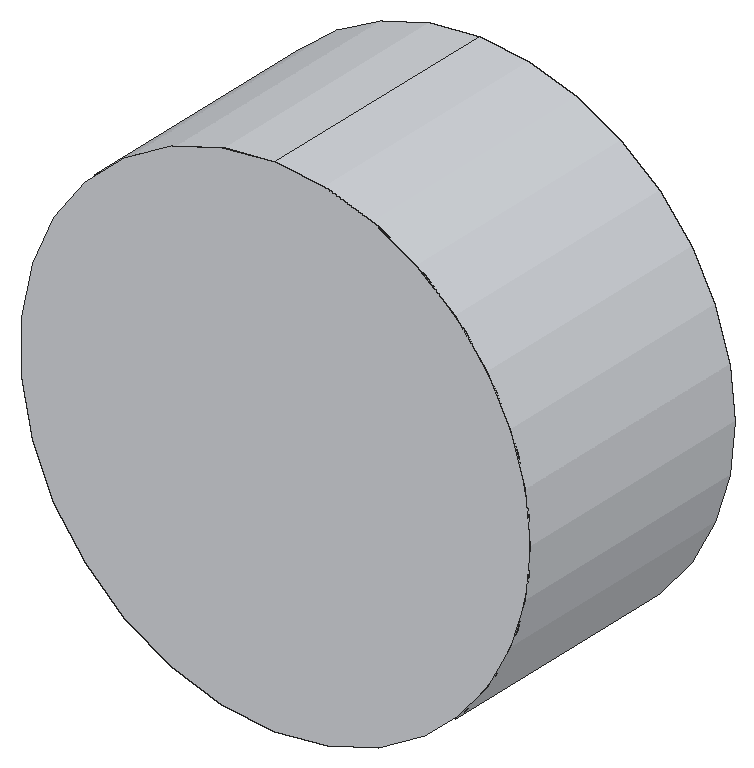
Revit family "vbathbtw", category Mechanical Equipment, Revit 2024
Family settings
  Round Connector Dimension = Use Diameter
  Classification = None
  Part Type = Normal
  OmniClass Number = 23.75.70.00
  OmniClass Title = HVAC Distribution Devices
  Work Plane-Based = No
  Always vertical = Yes
  Cut with Voids When Loaded = No
  Maintain Annotation Orientation = No
  Shared = No
  Room Calculation Point = No
Parameters (values of type "Standard")
  Title = "24208_ASM"
  Sending System = "CREO PARAMETRIC BY PTC INC, 2023424"
  Preprocessor = "CREO PARAMETRIC BY PTC INC, 2023424"
  Part Number = "vbathbtw"
  Model = "vbathbtw"
  Manufacturer = "Broan Nutone Venmar"
  Designer = "Yvan De Lafontaine"
  Design State = 1
  Description = "vbathbtw"
  Default Elevation = 0' - 0"
  Creation Date = "1/21/2025"
  Author = "MichaudS"
Reference planes (in)
  plane 1 "Center (Front/Back)": y = 0
  plane 2: z = 0
  plane 3 "Center (Left/Right)": x = 0
Forms (in)
  Extrusion 1, solid
    sketch origin (1.375, 0, -2.25) x (0, 0, -1) y (1, 0, 0)
      loop
        circle (0, 0) r 0.12
    from 0 to -0.12
Dimensions and locks (in)
  aligned and locked: plane 2 to level
Connectors (in)
  electrical at (1.375, 0, -2.25)
    settings: on Extrusion 1, index 1, voltage 0 V, apparent load 0 VA, apparent load phase1 0 VA, apparent load phase2 0 VA, apparent load phase3 0 VA, power factor 1, load classification "Other", number of poles 1, system type 13, power factor state 1, is connector primary yes, connector utility no, sub classification motor no, connector description ""
